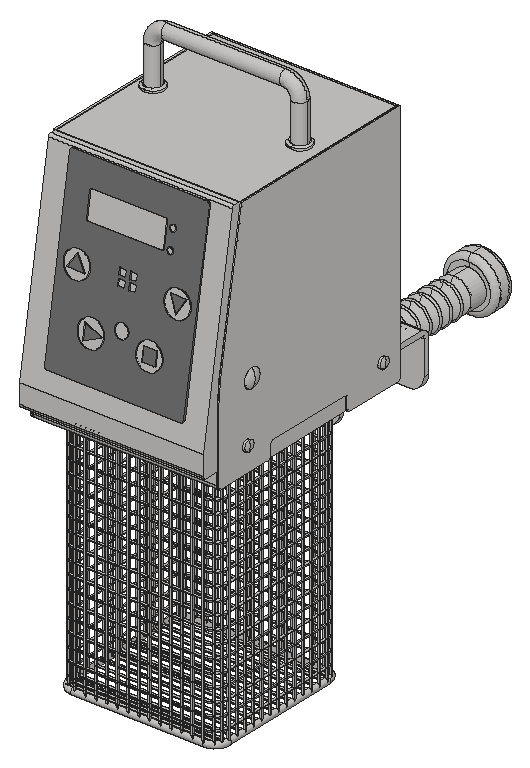
Revit family "QF_VOLLRATH_SOFTCOOKER", category Specialty Equipment, Revit 2016 (continued)
Automatic sketch dimensions
  radius of Extrusion 43 sketch curve = 0.03188"  (x15)
  radius of Extrusion 46 sketch curve to Extrusion 1 = 0"  (x2)
  radius of Extrusion 50 sketch curve = 0.17984"
Connectors (in)
  electrical at (0.85441, 0, 1.47063), driven by "Volts", driven by "Watts"
    settings: on Extrusion 17, index 1, voltage 0 V, apparent load 0 VA, apparent load phase1 0 VA, apparent load phase2 0 VA, apparent load phase3 0 VA, power factor 1, load classification "Other", number of poles 1, system type 30, power factor state 1, is connector primary yes, connector utility no, sub classification motor no, connector description "ELECTRICAL CONNECTION"
